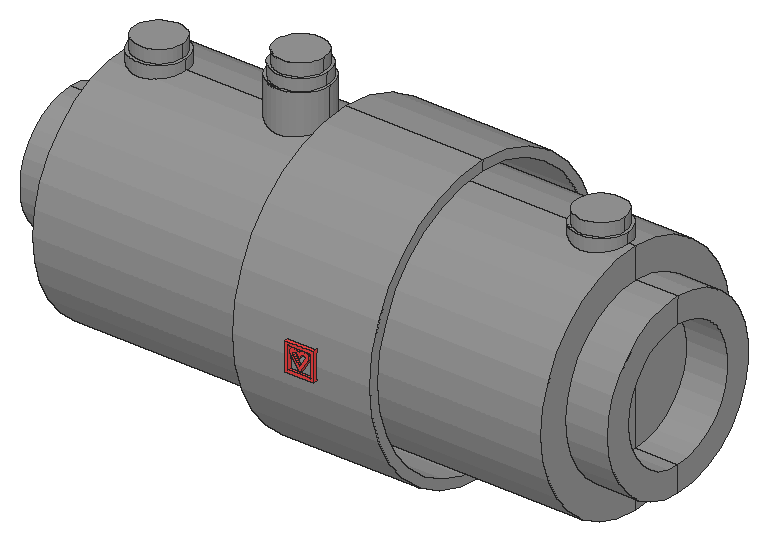
Revit family "HERZ System Separator 0307 AG-IG", category Rohrzubehör, Revit 2020
Family settings
  Bemaßung runder Anschluss = Durchmesser verwenden
  Teiletyp = Unterbricht
  OmniClass-Nummer = 23.65.55.14
  OmniClass-Titel = Valves for Liquid Services
  Arbeitsebenenbasiert = Nein
  Immer vertikal = Ja
  Beim Laden mit Abzugskörper schneiden = Nein
  Gemeinsam genutzt = Nein
Parameters (values of type "AG-IG DN40-DN40")
  Vorgabe-Ansicht = 0.000 mm
  URL = "www.herzvalves.com"
  SCTWSEQ = "AW;SBT_TYP_AW=\"104\";2"
  SCTWCODE = "04;12;02"  # constant formula
  S03 = 15.000 mm  # constant formula
  S02 = 45.000 mm  # constant formula
  S01 = 98.000 mm  # constant formula
  Nennweite Ein [instance] = if(AG_IG_DN40_DN40, 40.000 mm, if(AG_IG_DN40_DN50, 40.000 mm, if(AG_IG_DN50_DN40, 50.000 mm, if(AG_IG_DN50_DN50, 50.000 mm, 0.000 mm))))  # 40.000 mm
  Nennweite Aus [instance] = if(AG_IG_DN40_DN40, 40.000 mm, if(AG_IG_DN40_DN50, 50.000 mm, if(AG_IG_DN50_DN40, 40.000 mm, if(AG_IG_DN50_DN50, 50.000 mm, 0.000 mm))))  # 40.000 mm
  Model = "The backflow preventer has been developed in accordance with the standard DIN EN 1717.\r\nAccording to this standard, the water quality is divided up into 5 classes depending on the degree of contamination.\r\nBackflow preventers of type BA provide protection against non-drinking water up to hazard class 4.\r\nThis is the highest hazard class that may be safeguarded with a valve.\r\nSafeguarding a standpipe with a lower form of protection than a system separator of type BA per DIN EN 1717 is no longer reflective of current engineering practice and the operator is therefore liable in the event of damage with such a standpipe.\r\nThe functional unit is designed as a single-piece cartridge with large-dimension control piston and pressure surge-damped discharge valve system.\r\nThreaded connections are mutually interchangeable, whereby 16 possible connection variants exist (intake and outlet side available in 1 1/2\" inner or outer thread, alternatively in 2\" inner or outer thread)."
  Medium = "Water (without steam)"  # constant formula
  Max. permissible temperature (short-term) = 80 °C  # constant formula
  Max. operating temperature = 65 °C  # constant formula
  Max. operating pressure = 1000000.0 Pa  # constant formula
  L07 = 24.500 mm  # constant formula
  L06 = 73.000 mm  # constant formula
  L05 = 28.000 mm  # constant formula
  L04 = 13.500 mm  # constant formula
  L03 = 87.500 mm  # constant formula
  L02 = 18.000 mm  # constant formula
  L01 = 193.000 mm  # constant formula
  Note = "Pursuant to Article 33 of the REACH Regulation (EC No. 1907/2006), we are obliged to point out that the material lead is listed on the SVHC list and that all brass components manufactured in our products exceed 0.1% (w / w) lead (CAS: 7439-92-1 / EINECS: 231-100-4).\r\nSince lead is a component part of an alloy, actual exposure is not possible and therefore no additional information on safe use is necessary."
  Installation position = "Horizontal or perpendicular pointing downwards"  # constant formula
  Hersteller = "HERZ Armaturen Ges.m.b.H."  # constant formula
  D03 [instance] = if(AG_IG_DN40_DN40, 28.000 mm, if(AG_IG_DN40_DN50, 33.000 mm, if(AG_IG_DN50_DN40, 28.000 mm, if(AG_IG_DN50_DN50, 33.000 mm, 0.000 mm))))  # 28.000 mm
  D02 = 45.000 mm  # constant formula
  D01 = 37.500 mm  # constant formula
  Body = "stainless steel"  # constant formula
  Part number [instance] = if(AG_IG_DN40_DN40, "I030704", if(AG_IG_DN40_DN50, "I030712", if(AG_IG_DN50_DN40, "I030716", if(AG_IG_DN50_DN50, "I030708", "0"))))  # "I030704"
  Application = "The backflow preventer is an economical solution for retrofitting to standpipes that are required to have a mandatory safety valve according to DIN EN 1717 for preventing the back-suction, back-flowing or back-pressuring of non-drinking water into the drinking water line.\r\nThe backflow preventer is suitable for horizontal installation.\r\nIt can also be fitted perpendicular, although only pointing downwards.\r\nIt is not approved for installation in a riser."
  AG_IG_DN50_DN50 = no
  AG_IG_DN50_DN40 = no
  AG_IG_DN40_DN50 = no
  AG_IG_DN40_DN40 = yes
  IG Aus [instance] = Nennweite Aus / 2  # 20.000 mm
  AG Ein [instance] = Nennweite Ein / 2  # 20.000 mm
Types (5, lengths in mm): name | Nennweite Ein | Nennweite Aus | D03 | Part number | AG_IG_DN50_DN50 | AG_IG_DN50_DN40 | AG_IG_DN40_DN50 | AG_IG_DN40_DN40 | IG Aus | AG Ein
  (no name) | 40.000 | 40.000 | 28.000 | "I030704" | no | no | no | yes | 20.000 | 20.000
  AG-IG DN40-DN50 | 40.000 | 50.000 | 33.000 | "I030712" | no | no | yes | no | 25.000 | 20.000
  AG-IG DN40-DN40 | 40.000 | 40.000 | 28.000 | "I030704" | no | no | no | yes | 20.000 | 20.000
  AG-IG DN50-DN50 | 50.000 | 50.000 | 33.000 | "I030708" | yes | no | no | no | 25.000 | 25.000
  AG-IG DN50-DN40 | 50.000 | 40.000 | 28.000 | "I030716" | no | yes | no | no | 20.000 | 25.000
Reference planes
  plane 1 "Mitte (Vorne/hinten)": y = 0
  plane 2: z = 0
  plane 3 "Mitte (Links/rechts)": x = 0
Forms (mm)
  Revolve 1, solid, material "Messing, weicher Gelbton, geschweißt", detail levels fine
    sketch origin (0, 0, 0) x (1, 0, 0) y (0, 0, 1)
      loop
        line (-96.5, 0) -> (83, 0) -> (83, 20) -> (96.5, 20) -> (96.5, 28) -> (83, 28) -> (83, 37.5) -> (-78.5, 37.5) -> (-78.5, 20) -> (-96.5, 20) -> (-96.5, 0)
      axis (-96.5, 0) -> (96.5, 0)
    angle from 0 to 360
  Revolve 2, solid, material "Acetalharz, Schwarz", detail levels fine
    sketch origin (0, 0, 0) x (1, 0, 0) y (0, 0, 1)
      loop
        line (-9, 0) -> (1.5, 0) -> (1.5, 42) -> (34.5, 42) -> (34.5, 45) -> (-9, 45) -> (-9, 0)
      axis (-9, 0) -> (34.5, 0)
    angle from 0 to 360
  Extrusion 3, solid, material "Messing, weicher Gelbton, geschweißt", detail levels fine
    sketch origin (0, 0, 0) x (1, 0, 0) y (0, 1, 0)
      loop
        circle (-68.5, 0) r 8.5
      loop
        circle (72, 0) r 8.5
    from 0 to 40.5
  Extrusion 4, solid, material "Acetalharz, Schwarz", detail levels fine
    sketch origin (0, 0, 0) x (1, 0, 0) y (0, 1, 0)
      loop
        circle (-68.5, 0) r 7.5
      loop
        circle (72, 0) r 7.5
    from 40.5 to 44.5
  Extrusion 5, solid, material "Messing, weicher Gelbton, geschweißt", detail levels fine
    sketch origin (0, 0, 0) x (1, 0, 0) y (0, 1, 0)
      loop
        circle (-23.5, 0) r 9.3
    from 0 to 49
  Extrusion 6, solid, material "Messing, weicher Gelbton, geschweißt", detail levels fine
    sketch origin (0, 0, 0) x (1, 0, 0) y (0, 1, 0)
      loop
        circle (-23.5, 0) r 8.5
    from 49 to 52.5
  Extrusion 7, solid, material "Acetalharz, Schwarz", visible <- "AG_IG_DN40_DN50", detail levels fine
    sketch origin (0, 0, 0) x (1, 0, 0) y (0, 1, 0)
      loop
        circle (-23.5, 0) r 7.5
    from 52.5 to 56.5
  Extrusion 8, solid, material "Acetalharz, Schwarz", visible <- "AG_IG_DN40_DN40", detail levels fine
    sketch origin (0, 0, 0) x (1, 0, 0) y (0, 1, 0)
      loop
        circle (-23.5, 0) r 7.5
    from 52.5 to 56.4
  Extrusion 9, solid, material "Acetalharz, Schwarz", visible <- "AG_IG_DN50_DN50", detail levels fine
    sketch origin (0, 0, 0) x (1, 0, 0) y (0, 1, 0)
      loop
        circle (-23.5, 0) r 7.5
    from 52.5 to 56.3
  Extrusion 10, solid, material "Acetalharz, Schwarz", visible <- "AG_IG_DN50_DN40", detail levels fine
    sketch origin (0, 0, 0) x (1, 0, 0) y (0, 1, 0)
      loop
        circle (-23.5, 0) r 7.5
    from 52.5 to 56.2
Lines and regions (mm)
  model lines, detail levels coarse+medium
    curve 1: line (-96.5, 0, 37.5) -> (96.5, 0, 37.5)
    curve 2: line (-96.5, 0, -37.5) -> (-96.5, 0, 37.5)
    curve 3: line (96.5, 0, -37.5) -> (-96.5, 0, -37.5)
    curve 4: line (96.5, 0, 37.5) -> (96.5, 0, -37.5)
    curve 5: line (-96.5, 0, -22.5) -> (-51.5, 0, -22.5)
    curve 6: line (-1.5, 0, -22.5) -> (96.5, 0, -22.5)
    curve 7: line (-96.5, 0, 22.5) -> (-51.5, 0, 22.5)
    curve 8: line (-1.5, 0, 22.5) -> (96.5, 0, 22.5)
    curve 9: line (-96.5, 37.5, 0) -> (96.5, 37.5, 0)
    curve 10: line (-96.5, -37.5, 0) -> (-96.5, 37.5, 0)
    curve 11: line (96.5, -37.5, 0) -> (-96.5, -37.5, 0)
    curve 12: line (96.5, 37.5, 0) -> (96.5, -37.5, 0)
    curve 13: line (-96.5, 22.5, 0) -> (-51.5, 22.5, 0)
    curve 14: line (-1.5, 22.5, 0) -> (96.5, 22.5, 0)
    curve 15: line (-96.5, -22.5, 0) -> (-51.5, -22.5, 0)
    curve 16: line (-1.5, -22.5, 0) -> (96.5, -22.5, 0)
Dimensions and locks
  "L04": Revolve 1 sketch curve to Revolve 1 sketch curve
  "L02": Revolve 1 sketch curve to Revolve 1 sketch curve
  "L01": Revolve 1 sketch curve to Revolve 1 sketch curve
  equal spacing: Revolve 1 sketch curve, plane 3 "Mitte (Links/rechts)", Revolve 1 sketch curve
  "AG Ein": Revolve 1 sketch curve to plane 2
  "D01": Revolve 1 sketch curve to plane 2
  "L03": Revolve 1 to Revolve 2 sketch curve
  equal spacing: curve 4, plane 3 "Mitte (Links/rechts)", curve 2
  "L01": curve 4 to curve 2
  "D01": curve 1 to plane 2 to curve 3
  "S03": curve 5 to curve 3
  "S03": curve 1 to curve 7
  "S03": curve 1 to curve 8
  "S03": curve 6 to curve 3
  "S02": curve 5 to curve 2
  "S02": curve 7 to curve 2
  "S01": curve 8 to curve 4
  "S01": curve 6 to curve 4
  equal spacing: curve 10, plane 3 "Mitte (Links/rechts)", curve 12
  "L01": curve 10 to curve 12
  "D01": curve 11 to plane 1 "Mitte (Vorne/hinten)" to curve 9
  "S03": curve 13 to curve 9
  "S03": curve 11 to curve 15
  "S03": curve 14 to curve 9
  "S03": curve 11 to curve 16
  "S01": curve 14 to curve 12
  "S01": curve 16 to curve 12
  "S02": curve 10 to curve 15
  "S02": curve 10 to curve 13
  "D02": Revolve 2 sketch curve to Revolve 2 sketch curve
  equal spacing: Revolve 2, nested 1, Revolve 2
  "D02": nested 1 to plane 1 "Mitte (Vorne/hinten)"
  "D03": Revolve 1 sketch curve to plane 2
  "IG Aus": Revolve 1 sketch curve to plane 2
  "L05": Revolve 1 to Extrusion 3 sketch curve
  "L05": Revolve 1 to Extrusion 4 sketch curve
  "L06": Revolve 1 to Extrusion 5 sketch curve
  "L06": Revolve 1 to Extrusion 6 sketch curve
  "L06": Revolve 1 to Extrusion 10 sketch curve
  "L06": Revolve 1 to Extrusion 9 sketch curve
  "L06": Revolve 1 to Extrusion 8 sketch curve
  "L06": Revolve 1 to Extrusion 7 sketch curve
  "L07": Extrusion 3 sketch curve to Revolve 1
  "L07": Extrusion 4 sketch curve to Revolve 1
  aligned and locked: level to plane 2
Automatic sketch dimensions
  Revolve 1 sketch curve to level = 0.000 mm  (x2)
  Revolve 1 sketch curve to Revolve 1 sketch curve = 0.000 mm
  Revolve 1 sketch curve to Revolve 1 sketch curve = 1408.530 mm
  Revolve 1 sketch curve to Revolve 1 sketch curve = 1741.148 mm
  Revolve 2 sketch curve to level = 0.000 mm  (x2)
  plane 3 "Mitte (Links/rechts)" to Revolve 2 sketch curve = 1.500 mm
  Revolve 2 sketch curve to Revolve 2 sketch curve = 33.000 mm
  Revolve 2 sketch curve to Revolve 2 sketch curve = 3.000 mm
  Revolve 2 sketch curve to Revolve 2 sketch curve = 1496.030 mm
  Revolve 2 sketch curve to Revolve 2 sketch curve = 1804.648 mm
  plane 1 "Mitte (Vorne/hinten)" to Extrusion 3 sketch curve = 0.000 mm  (x2)
  plane 1 "Mitte (Vorne/hinten)" to Extrusion 4 sketch curve = 0.000 mm  (x2)
  plane 1 "Mitte (Vorne/hinten)" to Extrusion 5 sketch curve = 0.000 mm
  plane 1 "Mitte (Vorne/hinten)" to Extrusion 6 sketch curve = 0.000 mm
  plane 1 "Mitte (Vorne/hinten)" to Extrusion 7 sketch curve = 0.000 mm
  plane 1 "Mitte (Vorne/hinten)" to Extrusion 8 sketch curve = 0.000 mm
  plane 1 "Mitte (Vorne/hinten)" to Extrusion 9 sketch curve = 0.000 mm
  plane 1 "Mitte (Vorne/hinten)" to Extrusion 10 sketch curve = 0.000 mm
  radius of Extrusion 3 sketch curve = 8.500 mm  (x2)
  radius of Extrusion 4 sketch curve = 7.500 mm  (x2)
  radius of Extrusion 5 sketch curve = 9.300 mm
  radius of Extrusion 6 sketch curve = 8.500 mm
  radius of Extrusion 7 sketch curve = 7.500 mm
  radius of Extrusion 8 sketch curve = 7.500 mm
  radius of Extrusion 9 sketch curve = 7.500 mm
  radius of Extrusion 10 sketch curve = 7.500 mm
Nested families
  nested 1: "Herz-Logo-vorne" at (12.75, -45, 0) x (0, 1, 0) z (0, 0, 1), type "Herz-Logo-vorne", detail levels fine
Connectors
  piping at (-96.5, 0, 0), diameter 40, driven by "Nennweite Ein"
    settings: on Revolve 1, index 2, connector inside diameter 609.6 mm, connector length 0.000 mm, flow factor 0, pipe flow 0.0 L/s, pressure drop 0.0 Pa, fitting loss kfactor 0, connector angle 0.00°, fixture units 0, engagement length 0.000 mm, angle of deflection 0.00°, flow configuration 0, flow direction 1, fitting loss method 0, system type 29, joint type 0, gender type 0, connector reference index -1, connector utility 0, adjustable connector no, is connector primary yes, connector description ""
  piping at (83, 0, 0), diameter 40, driven by "Nennweite Aus"
    settings: on Revolve 1, index 3, connector inside diameter 609.6 mm, connector length 0.000 mm, flow factor 0, pipe flow 0.0 L/s, pressure drop 0.0 Pa, fitting loss kfactor 0, connector angle 0.00°, fixture units 0, engagement length 0.000 mm, angle of deflection 0.00°, flow configuration 0, flow direction 2, fitting loss method 0, system type 29, joint type 0, gender type 0, connector reference index -1, connector utility 0, adjustable connector no, is connector primary no, connector description ""
Definition of nested family "Herz-Logo-vorne"
  Parameters (values of type "Herz-Logo-vorne")
    Default Elevation = 0.000 mm
  Reference planes
    plane 1 "Mitte (Vorne/hinten)": y = 0
    plane 2: z = 0
    plane 3 "Mitte (Links/rechts)": x = 0
  Forms (mm)
    Extrusion 1, solid
      sketch origin (0.732, -0.018, 0.017) x (0, -1, 0) y (0, 0, 1)
        loop
          line (-0.018, -4.517) -> (4.482, -4.517) -> (4.482, 4.483) -> (-4.518, 4.483) -> (-4.518, -4.517) -> (-0.018, -4.517)
        loop
          line (-0.05, -3.48) -> (3.482, -3.48) -> (3.482, 3.483) -> (-3.518, 3.483) -> (-3.518, -3.48) -> (-0.05, -3.48)
        loop
          arc (-0.018, 2.383) -> (-1.543, 3.287) -> (-3.067, 2.383) r 1.738
          arc (-3.067, 2.383) -> (-3.191, 1.899) -> (-3.067, 1.415) r 1.009
          line (-3.067, 1.415) -> (-0.018, -3.281) -> (3.032, 1.415)
          arc (3.032, 1.415) -> (3.156, 1.899) -> (3.032, 2.383) r 1.009
          arc (3.032, 2.383) -> (1.507, 3.287) -> (-0.018, 2.383) r 1.738
        loop
          arc (1.885, 1.272) -> (2.005, 1.675) -> (1.885, 2.079) r 0.74
          arc (1.885, 2.079) -> (1.265, 2.416) -> (0.644, 2.079) r 0.74
          line (0.644, 2.079) -> (-0.018, 0.97) -> (-0.679, 2.079)
          arc (-0.679, 2.079) -> (-1.3, 2.416) -> (-1.921, 2.079) r 0.74
          arc (-1.921, 2.079) -> (-2.04, 1.675) -> (-1.921, 1.272) r 0.74
          line (-1.921, 1.272) -> (-0.018, -1.658) -> (1.885, 1.272)
      from 0 to 1.5
  Dimensions and locks
    aligned and locked: level to plane 2
